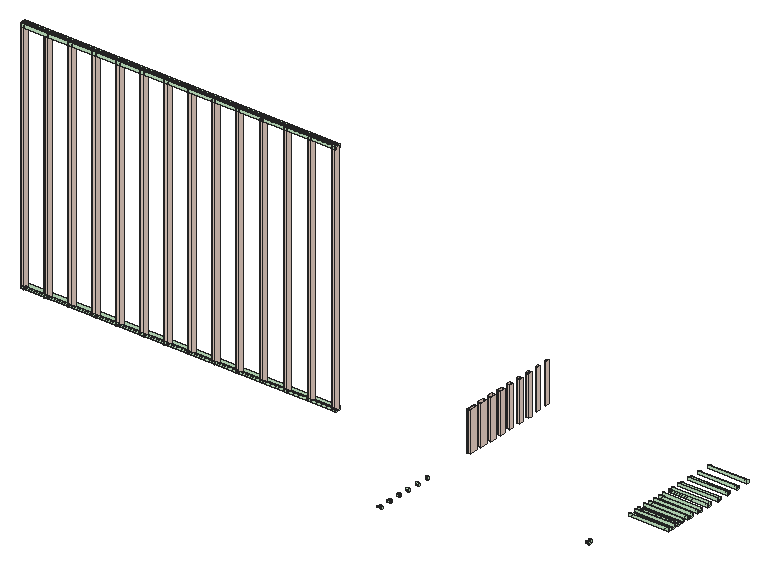
Revit family "SQ壁.", category 一般モデル, Revit 2020
Family settings
  鉄筋をホスト可能 = いいえ
  丸型コネクタ寸法 = 直径を使用
  パーツ タイプ = 標準
  作業面ベース = いいえ
  常に垂直 = はい
  ロード時にボイドで切り取り = いいえ
  共有 = いいえ
  部屋計算ポイント = いいえ
Parameters
  製造元 = "株式会社桐井製作所"
  既定の高さ = 0 mm
  URL = "https://www.kirii.co.jp/"
  K_名称 = "SQ壁工法"
  K_バージョン情報 = "20250901"
Reference planes
  plane 1 "中心(正面/背面)": y = 0
  plane 2: z = 0
  plane 3 "中心(左/右)": x = 0
Lines and regions (mm)
  model lines
    curve 1: line (2053.885, 1766.972, 3.706) -> (3803.885, 1766.972, 3.706)
    curve 2: line (2053.885, 1766.972, 0) -> (2053.885, -17.677, 0)
    curve 3: line (3803.885, 1766.972, 0) -> (3803.885, -17.677, 0)
    curve 4: line (4103.885, 1766.972, 0) -> (4103.885, -17.677, 0)
    curve 5: line (4103.885, -17.677, 3.706) -> (5853.885, -17.677, 3.706)
    curve 6: line (5853.885, 1766.972, 0) -> (5853.885, -17.677, 0)
    curve 7: line (4103.885, 1766.972, 3.706) -> (5853.885, 1766.972, 3.706)
    curve 8: line (2053.885, -157.677, 3.706) -> (3803.885, -157.677, 3.706)
    curve 9: line (2053.885, -157.677, 0) -> (2053.885, -1437.677, 0)
    curve 10: line (2053.885, -1437.677, 3.706) -> (3803.885, -1437.677, 3.706)
    curve 11: line (3803.885, -157.677, 0) -> (3803.885, -1437.677, 0)
    curve 12: line (2053.885, -17.677, 3.706) -> (3803.885, -17.677, 3.706)
    curve 13: line (4103.885, -157.677, 3.706) -> (5853.885, -157.677, 3.706)
    curve 14: line (4103.885, -157.677, 0) -> (4103.885, -1437.677, 0)
    curve 15: line (4103.885, -1437.677, 3.706) -> (5853.885, -1437.677, 3.706)
    curve 16: line (5853.885, -157.677, 0) -> (5853.885, -1437.677, 0)
Text (mm)
  text "JIS19型" at (-1841.604, 2062.91, 5447.439), in view "ビュー 1"
  text "スタッド" at (2194.065, 1638.272, -53.41), in view "{3D}"
  text "・SQ-BAR4020(ふかし壁用)" at (2294.392, 1425.581, -53.41), in view "{3D}"
  text "・SQ-BAR4025(ふかし壁用)" at (2294.392, 1273.599, -53.41), in view "{3D}"
  text "・SQ-BAR4040" at (2294.392, 1123.599, -53.41), in view "{3D}"
  text "・SQ-BAR4045" at (2294.392, 975.581, -53.41), in view "{3D}"
  text "・SQ-BAR4050" at (2294.392, 823.599, -53.41), in view "{3D}"
  text "ランナー" at (4244.065, 1638.272, -53.41), in view "{3D}"
  text "・SQ-ランナー20" at (4344.392, 1425.581, -53.41), in view "{3D}"
  text "・SQ-ランナー25" at (4344.392, 1273.599, -53.41), in view "{3D}"
  text "・SQ-ランナー40" at (4344.392, 1123.599, -53.41), in view "{3D}"
  text "・SQ-ランナー45" at (4344.392, 975.581, -53.41), in view "{3D}"
  text "・SQ-ランナー50" at (4344.392, 823.599, -53.41), in view "{3D}"
  text "SQ壁工法" at (-2610.049, 1856.504, -53.41), in view "{3D}"
  text "・SQ-ランナー65" at (4344.392, 673.599, -53.41), in view "{3D}"
  text "・SQ-ランナー75" at (4344.392, 523.599, -53.41), in view "{3D}"
  text "・SQ-ランナー90" at (4344.392, 375.581, -53.41), in view "{3D}"
  text "・SQ-ランナー100" at (4344.392, 223.599, -53.41), in view "{3D}"
  text "SQスペーサー" at (2194.065, -286.377, -53.41), in view "{3D}"
  text "・SQスペーサーW10" at (2294.392, -499.068, -53.41), in view "{3D}"
  text "・SQスペーサーW15" at (2294.392, -651.05, -53.41), in view "{3D}"
  text "・SQスペーサーW20" at (2294.392, -801.05, -53.41), in view "{3D}"
  text "・SQスペーサーW25" at (2294.392, -949.068, -53.41), in view "{3D}"
  text "・SQスペーサーW30" at (2294.392, -1101.05, -53.41), in view "{3D}"
  text "・SQ-BAR4565" at (2294.392, 673.599, -53.41), in view "{3D}"
  text "・SQ-BAR4575" at (2294.392, 523.599, -53.41), in view "{3D}"
  text "・SQ-BAR4590" at (2294.392, 375.581, -53.41), in view "{3D}"
  text "・SQ-BAR45100" at (2294.392, 223.599, -53.41), in view "{3D}"
  text "・SQスペーサーW35" at (2294.392, -1241.05, -53.41), in view "{3D}"
  text "その他SQ関連部材" at (4244.065, -286.377, -53.41), in view "{3D}"
  text "・新SQアジャスター" at (4344.392, -499.068, -53.41), in view "{3D}"
  text "※耐火遮音間仕切り(千鳥組)に使用" at (3097.151, -1348.381, -53.41), in view "{3D}"
  text "※ふかし壁に使用" at (5473.68, -1348.381, -53.41), in view "{3D}"
Dimensions and locks
  aligned and locked: level to plane 2
Nested families
  nested 1: "runner_wr50" at (5032.945, 782.338, 0), type "runner_wr50"
    with K_長さ(mm) 500 mm, K_JIS外 no, K_JIS yes
  nested 2: "runner_wr65" at (5032.945, 632.338, 0), type "runner_wr65"
    with K_長さ(mm) 500 mm, K_JIS外 no, K_JIS yes
  nested 3: "runner_wr75" at (5032.945, 482.338, 0), type "runner_wr75"
    with K_長さ(mm) 500 mm, K_JIS外 no, K_JIS yes
  nested 4: "runner_wr90" at (5032.945, 327.688, 0), type "runner_wr90"
    with K_長さ(mm) 500 mm
  nested 5: "runner_wr100" at (5032.945, 182.688, 0), type "runner_wr100"
    with K_長さ(mm) 500 mm, K_JIS外 no, K_JIS yes
  nested 6: "sqrunner_20" at (5032.945, 1386.972, 0), type "sqrunner_20"
    with K_長さ(mm) 500 mm
  nested 7: "sq4020.0001" at (2989.01, 1379.472, 0), type "sq4020.0001"
    with K_長さ(mm) 500 mm
  nested 8: "sqrunner_25" at (5032.945, 1231.972, 0), type "sqrunner_25"
    with K_長さ(mm) 500 mm
  nested 9: "sq4025" at (2991.541, 1236.902, 0), type "sq4025"
    with K_長さ(mm) 500 mm
  nested 10: "sqrunner_40" at (5032.945, 1086.972, 0), type "sqrunner_40"
    with K_長さ(mm) 500 mm
  nested 11: "sq4040" at (2999.01, 1083.691, 0), type "sq4040"
    with K_長さ(mm) 500 mm
  nested 12: "sqrunner_45" at (5032.945, 931.972, 0), type "sqrunner_45"
    with K_長さ(mm) 500 mm
  nested 13: "sq4045" at (2999.01, 939.472, 0), type "sq4045"
    with K_長さ(mm) 500 mm
  nested 14: "sq4050" at (2999.01, 792.219, 0), type "sq4050"
    with K_長さ(mm) 500 mm
  nested 15: "sq4565" at (3001.51, 647.323, 0), type "sq4565"
    with K_長さ(mm) 500 mm
  nested 16: "sq4575" at (3001.51, 494.472, 0), type "sq4575"
    with K_長さ(mm) 500 mm
  nested 17: "sq4590" at (3001.51, 344.472, 0), type "sq4590"
    with K_長さ(mm) 500 mm
  nested 18: "sq45100" at (3001.51, 189.472, 0), type "sq45100"
    with K_長さ(mm) 500 mm
  nested 19: "runner_wr65" at (-2546.115, -0.01, 3010.8) x (1, 0, 0) z (0, 0, -1), type "runner_wr65"
    with K_長さ(mm) 4000 mm, K_JIS外 no, K_JIS yes
  nested 20: "sq4565" at (-2523.615, 0, 0), type "sq4565"
    with K_長さ(mm) 3000 mm
  nested 21: "sq4565" at (-2220.615, 0, 0), type "sq4565"
    with K_長さ(mm) 3000 mm
  nested 22: "sq4565" at (-1917.615, 0, 0), type "sq4565"
    with K_長さ(mm) 3000 mm
  nested 23: "sq4565" at (-1614.615, 0, 0), type "sq4565"
    with K_長さ(mm) 3000 mm
  nested 24: "sq4565" at (-1311.615, 0, 0), type "sq4565"
    with K_長さ(mm) 3000 mm
  nested 25: "sq4565" at (-1008.115, 0, 0), type "sq4565"
    with K_長さ(mm) 3000 mm
  nested 26: "sq4565" at (-705.115, 0, 0), type "sq4565"
    with K_長さ(mm) 3000 mm
  nested 27: "sq4565" at (-402.115, 0, 0), type "sq4565"
    with K_長さ(mm) 3000 mm
  nested 28: "sq4565" at (-99.115, 0, 0), type "sq4565"
    with K_長さ(mm) 3000 mm
  nested 29: "sq4565" at (203.885, 0, 0), type "sq4565"
    with K_長さ(mm) 3000 mm
  nested 30: "sq4565" at (506.885, 0, 0), type "sq4565"
    with K_長さ(mm) 3000 mm
  nested 31: "sq4565" at (810.385, 0, 0), type "sq4565"
    with K_長さ(mm) 3000 mm
  nested 32: "sq4565" at (1113.385, 0, 0), type "sq4565"
    with K_長さ(mm) 3000 mm
  nested 33: "sq4565" at (1416.885, 0, 0), type "sq4565"
    with K_長さ(mm) 3000 mm
  nested 34: "runner_wr65" at (-2546.115, 0, 0), type "runner_wr65"
    with K_長さ(mm) 4000 mm, K_JIS外 no, K_JIS yes
  nested 35: "sqadjuster" at (5082.685, -534.727, 0), type "sqadjuster"
  nested 36: "sqspacer_w10" at (3012.685, -534.727, 0), type "sqspacer_w10"
  nested 37: "sqspacer_w15" at (3012.685, -684.199, 0), type "sqspacer_w15"
  nested 38: "sqspacer_w20" at (3012.685, -831.877, 0), type "sqspacer_w20"
  nested 39: "sqspacer_w25" at (3012.685, -976.877, 0), type "sqspacer_w25"
  nested 40: "sqspacer_w30" at (3012.685, -1125.077, 0), type "sqspacer_w30"
  nested 41: "sqspacer_w35" at (3012.685, -1270.077, 0), type "sqspacer_w35"
Definition of nested family "runner_wr50"
  Parameters (values of type "runner_wr50")
    Manufacturer = "株式会社桐井製作所"
    Default Elevation = 0 mm
    URL = "https://www.kirii.co.jp/"
    K_長さ(mm) [instance] = 4000 mm
    K_材質 = "SGCCまたはSGHC　一般用"
    K_断面積A(mm2) = 103.5
    K_断面係数Zy(mm3) = 1921
    K_断面係数Zx(mm3) = 651.9
    K_断面2次半径iy(mm) = 22
    K_断面2次半径ix(mm) = 13.2
    K_断面2次モーメントIy(mm4) = 49970
    K_断面2次モーメントIx(mm4) = 17920
    K_外形寸法(mm) = "52×40×0.8"
    K_品名 = "WR-50"
    K_名称 = "ランナー"
    K_単位質量(kg/m) = 0.836
    K_ヤング係数E(N/mm2) = 205000
    K_バージョン情報 = "20210524"
    K_めっき付着量 = "Z12"
    K_JIS規格 = "JIS G 3302"
    K_JIS外 [instance] = not(K_JIS)  # no
    K_JIS [instance] = yes
  Reference planes
    plane 1 "中心(正面/背面)": y = 0
    plane 2: z = 0
    plane 3 "中心(左/右)": x = 0
    plane 4: x = 4000
    plane 5: y = -26
    plane 6: y = 26
    plane 7: z = 40
    plane 8: y = 26
    plane 9: y = -26
  Forms (mm)
    Extrusion 1, solid
      sketch origin (0, 0, 0) x (0, 1, 0) y (0, 0, 1)
        loop
          line (-26, 0) -> (-16.01, 0) -> (-15.21, 0.8) -> (-6.81, 0.8) -> (-6.01, 0) -> (5.962, 0) -> (6.781, 0.819) -> (15.181, 0.819) -> (16, 0) -> (26, 0) -> (26, 40) -> (25.2, 40) -> (25.2, 0.8) -> (16.331, 0.8) -> (15.512, 1.619) -> (6.449, 1.619) -> (5.63, 0.8) -> (-5.679, 0.8) -> (-6.479, 1.6) -> (-15.541, 1.6) -> (-16.341, 0.8) -> (-25.2, 0.8) -> (-25.2, 40) -> (-26, 40) -> (-26, 0)
      from 0 to 4000
  Dimensions and locks
    "K_長さ(mm)": plane 3 "中心(左/右)" to plane 4
    aligned and locked: level to plane 2
    aligned and locked: plane 4 to Extrusion 1
    aligned and locked: Extrusion 1 sketch curve to plane 6
    aligned and locked: plane 5 to Extrusion 1 sketch curve
    aligned and locked: Extrusion 1 to plane 4
  Automatic sketch dimensions
    Extrusion 1 sketch curve to plane 7 = 0 mm  (x2)
    Extrusion 1 sketch curve to level = 0 mm  (x3)
    level to Extrusion 1 sketch curve = 0.8 mm  (x4)
    Extrusion 1 sketch curve to Extrusion 1 sketch curve = 0.331 mm  (x8)
    level to Extrusion 1 sketch curve = 1.6 mm
    Extrusion 1 sketch curve to Extrusion 1 sketch curve = 0.8 mm  (x2)
    plane 1 "中心(正面/背面)" to Extrusion 1 sketch curve = 6.81 mm
    Extrusion 1 sketch curve to plane 1 "中心(正面/背面)" = 5.63 mm
    Extrusion 1 sketch curve to Extrusion 1 sketch curve = 0.819 mm  (x2)
    level to Extrusion 1 sketch curve = 0.819 mm
    Extrusion 1 sketch curve to Extrusion 1 sketch curve = 8.4 mm
    level to Extrusion 1 sketch curve = 1.619 mm
    plane 6 to Extrusion 1 sketch curve = 0.8 mm
    Extrusion 1 sketch curve to plane 5 = 0.8 mm
    Extrusion 1 sketch curve to Extrusion 1 sketch curve = 8.859 mm
Definition of nested family "runner_wr65"
  Parameters (values of type "runner_wr65")
    Manufacturer = "株式会社桐井製作所"
    Default Elevation = 0 mm
    URL = "https://www.kirii.co.jp/"
    K_長さ(mm) [instance] = 4000 mm
    K_材質 = "SGCCまたはSGHC　一般用"
    K_断面積A(mm2) = 115.5
    K_断面係数Zy(mm3) = 2624
    K_断面係数Zx(mm3) = 678.4
    K_断面2次半径iy(mm) = 27.6
    K_断面2次半径ix(mm) = 13
    K_断面2次モーメントIy(mm4) = 87930
    K_断面2次モーメントIx(mm4) = 19500
    K_外形寸法(mm) = "67×40×0.8"
    K_品名 = "WR-65"
    K_名称 = "ランナー"
    K_単位質量(kg/m) = 0.933
    K_ヤング係数E(N/mm2) = 205000
    K_バージョン情報 = "20210524"
    K_めっき付着量 = "Z12"
    K_JIS規格 = "JIS G 3302"
    K_JIS外 [instance] = not(K_JIS)  # no
    K_JIS [instance] = yes
  Reference planes
    plane 1 "中心(正面/背面)": y = 0
    plane 2: z = 0
    plane 3 "中心(左/右)": x = 0
    plane 4: x = 4000
    plane 5: y = -33.5
    plane 6: y = 33.5
    plane 7: y = 33.5
    plane 8: y = -33.5
    plane 9: z = 40
  Forms (mm)
    Extrusion 1, solid
      sketch origin (0, 0, 0) x (0, 1, 0) y (0, 0, 1)
        loop
          line (13.491, 0) -> (14.31, 0.819) -> (22.71, 0.819) -> (23.529, 0) -> (33.5, 0) -> (33.5, 40) -> (32.7, 40) -> (32.7, 0.8) -> (23.86, 0.8) -> (23.041, 1.619) -> (13.979, 1.619) -> (13.159, 0.8) -> (-13.179, 0.8) -> (-13.979, 1.6) -> (-23.041, 1.6) -> (-23.841, 0.8) -> (-32.7, 0.8) -> (-32.7, 40) -> (-33.5, 40) -> (-33.5, 0) -> (-23.51, 0) -> (-22.71, 0.8) -> (-14.31, 0.8) -> (-13.51, 0) -> (13.491, 0)
      from 0 to 4000
  Dimensions and locks
    "K_長さ(mm)": plane 3 "中心(左/右)" to plane 4
    aligned and locked: level to plane 2
    aligned and locked: plane 4 to Extrusion 1
    aligned and locked: Extrusion 1 sketch curve to plane 6
    aligned and locked: plane 5 to Extrusion 1 sketch curve
    aligned and locked: Extrusion 1 to plane 4
  Automatic sketch dimensions
    Extrusion 1 sketch curve to level = 0 mm  (x3)
    Extrusion 1 sketch curve to Extrusion 1 sketch curve = 0.8 mm  (x5)
    level to Extrusion 1 sketch curve = 0.8 mm  (x4)
    Extrusion 1 sketch curve to Extrusion 1 sketch curve = 8.859 mm
    Extrusion 1 sketch curve to Extrusion 1 sketch curve = 0.331 mm  (x8)
    Extrusion 1 sketch curve to Extrusion 1 sketch curve = 8.4 mm  (x2)
    level to Extrusion 1 sketch curve = 1.6 mm
    Extrusion 1 sketch curve to plane 1 "中心(正面/背面)" = 13.159 mm
    Extrusion 1 sketch curve to Extrusion 1 sketch curve = 0.819 mm  (x2)
    level to Extrusion 1 sketch curve = 0.819 mm
    Extrusion 1 sketch curve to Extrusion 1 sketch curve = 39.2 mm  (x2)
Definition of nested family "runner_wr75"
  Parameters (values of type "runner_wr75")
    Manufacturer = "株式会社桐井製作所"
    Default Elevation = 0 mm
    URL = "https://www.kirii.co.jp/"
    K_長さ(mm) [instance] = 4000 mm
    K_材質 = "SGCCまたはSGHC　一般用"
    K_断面積A(mm2) = 123.5
    K_断面係数Zy(mm3) = 3124
    K_断面係数Zx(mm3) = 692
    K_断面2次半径iy(mm) = 31.2
    K_断面2次半径ix(mm) = 12.8
    K_断面2次モーメントIy(mm4) = 120300
    K_断面2次モーメントIx(mm4) = 20380
    K_外形寸法(mm) = "77×40×0.8"
    K_品名 = "WR-75"
    K_名称 = "ランナー"
    K_単位質量(kg/m) = 0.998
    K_ヤング係数E(N/mm2) = 205000
    K_バージョン情報 = "20210524"
    K_めっき付着量 = "Z12"
    K_JIS規格 = "JIS G 3302"
    K_JIS外 [instance] = not(K_JIS)  # no
    K_JIS [instance] = yes
  Reference planes
    plane 1 "中心(正面/背面)": y = 0
    plane 2: z = 0
    plane 3 "中心(左/右)": x = 0
    plane 4: x = 4000
    plane 5: y = 38.5
    plane 6: y = -38.5
    plane 7: z = 39.981
  Forms (mm)
    Extrusion 1, solid
      sketch origin (0, 0, 0) x (0, 1, 0) y (0, 0, 1)
        loop
          line (18.481, 0) -> (19.281, 0.8) -> (27.681, 0.8) -> (28.5, -0.019) -> (38.5, -0.019) -> (38.5, 39.981) -> (37.7, 39.981) -> (37.7, 0.8) -> (28.812, 0.8) -> (28.012, 1.6) -> (18.949, 1.6) -> (18.149, 0.8) -> (-18.169, 0.8) -> (-18.969, 1.6) -> (-28.031, 1.6) -> (-28.831, 0.8) -> (-37.7, 0.8) -> (-37.7, 39.962) -> (-38.5, 39.962) -> (-38.5, 0) -> (-28.5, 0) -> (-27.7, 0.8) -> (-19.3, 0.8) -> (-18.5, 0) -> (18.481, 0)
      from 0 to 4000
  Dimensions and locks
    "K_長さ(mm)": plane 3 "中心(左/右)" to plane 4
    aligned and locked: level to plane 2
    aligned and locked: plane 4 to Extrusion 1
    aligned and locked: plane 5 to Extrusion 1
    aligned and locked: Extrusion 1 to plane 6
  Automatic sketch dimensions
    Extrusion 1 sketch curve to plane 6 = 0 mm
    Extrusion 1 sketch curve to level = 0 mm  (x2)
    Extrusion 1 sketch curve to plane 5 = 0 mm
    plane 6 to Extrusion 1 sketch curve = 0.8 mm
    level to Extrusion 1 sketch curve = 0.8 mm  (x5)
    Extrusion 1 sketch curve to Extrusion 1 sketch curve = 8.869 mm
    Extrusion 1 sketch curve to Extrusion 1 sketch curve = 0.331 mm  (x7)
    Extrusion 1 sketch curve to Extrusion 1 sketch curve = 0.8 mm  (x5)
    Extrusion 1 sketch curve to Extrusion 1 sketch curve = 8.4 mm  (x2)
    Extrusion 1 sketch curve to plane 1 "中心(正面/背面)" = 18.149 mm
    level to Extrusion 1 sketch curve = 1.6 mm
    Extrusion 1 sketch curve to level = 0.019 mm
    Extrusion 1 sketch curve to Extrusion 1 sketch curve = 0.819 mm
    Extrusion 1 sketch curve to Extrusion 1 sketch curve = 39.162 mm
    Extrusion 1 sketch curve to Extrusion 1 sketch curve = 39.181 mm
    Extrusion 1 sketch curve to Extrusion 1 sketch curve = 0.312 mm
Definition of nested family "runner_wr90"
  Parameters (values of type "runner_wr90")
    Manufacturer = "株式会社桐井製作所"
    Default Elevation = 0 mm
    URL = "https://www.kirii.co.jp/"
    K_長さ(mm) [instance] = 4000 mm
    K_材質 = "SGCCまたはSGHC　一般用"
    K_断面積A(mm2) = 135.5
    K_断面係数Zy(mm3) = 3928
    K_断面係数Zx(mm3) = 708.8
    K_断面2次半径iy(mm) = 36.5
    K_断面2次半径ix(mm) = 12.6
    K_断面2次モーメントIy(mm4) = 180700
    K_断面2次モーメントIx(mm4) = 21510
    K_外形寸法(mm) = "92×40×0.8"
    K_品名 = "WR-90"
    K_名称 = "ランナー"
    K_単位質量(kg/m) = 1.095
    K_ヤング係数E(N/mm2) = 205000
    K_バージョン情報 = "20210524"
    K_めっき付着量 = "Z12"
    K_JIS規格 = "JIS G 3302"
    K_JIS外 = not(K_JIS)  # no
    K_JIS = yes
  Reference planes
    plane 1 "中心(正面/背面)": y = 0
    plane 2: z = 0
    plane 3 "中心(左/右)": x = 0
    plane 4: x = 4000
    plane 5: y = 48.5
    plane 6: y = -48.5
  Forms (mm)
    Extrusion 1, solid
      sketch origin (0, 0, 0) x (0, 1, 0) y (0, 0, 1)
        loop
          line (28.5, 0) -> (29.3, 0.8) -> (37.7, 0.8) -> (38.5, 0) -> (48.5, 0) -> (48.5, 39.981) -> (47.7, 39.981) -> (47.7, 0.8) -> (38.831, 0.8) -> (38.031, 1.6) -> (28.969, 1.6) -> (28.169, 0.8) -> (-28.169, 0.8) -> (-28.969, 1.6) -> (-38.031, 1.6) -> (-38.831, 0.8) -> (-47.7, 0.8) -> (-47.7, 39.962) -> (-48.5, 39.962) -> (-48.5, 0) -> (-38.5, 0) -> (-37.7, 0.8) -> (-29.3, 0.8) -> (-28.5, 0) -> (28.5, 0)
      from 0 to 4000
  Dimensions and locks
    "K_長さ(mm)": plane 3 "中心(左/右)" to plane 4
    equal spacing: plane 6, plane 1 "中心(正面/背面)", plane 5
    plane 6 to plane 5 = 97 mm
    locked: Extrusion 1 to Extrusion 1 at 0.8  (x2)
    aligned and locked: level to plane 2
    aligned and locked: plane 4 to Extrusion 1
    aligned and locked: plane 5 to Extrusion 1
    aligned and locked: Extrusion 1 to plane 6
  Automatic sketch dimensions
    Extrusion 1 sketch curve to plane 6 = 0 mm
    Extrusion 1 sketch curve to level = 0 mm  (x3)
    Extrusion 1 sketch curve to plane 5 = 0 mm
    plane 6 to Extrusion 1 sketch curve = 0.8 mm
    level to Extrusion 1 sketch curve = 0.8 mm  (x5)
    Extrusion 1 sketch curve to Extrusion 1 sketch curve = 8.869 mm
    Extrusion 1 sketch curve to Extrusion 1 sketch curve = 0.331 mm  (x8)
    level to Extrusion 1 sketch curve = 1.6 mm  (x2)
    Extrusion 1 sketch curve to Extrusion 1 sketch curve = 0.8 mm  (x4)
    Extrusion 1 sketch curve to Extrusion 1 sketch curve = 8.4 mm  (x2)
    Extrusion 1 sketch curve to plane 5 = 20.331 mm
    Extrusion 1 sketch curve to plane 5 = 0.8 mm
    Extrusion 1 sketch curve to Extrusion 1 sketch curve = 39.162 mm
    Extrusion 1 sketch curve to Extrusion 1 sketch curve = 39.181 mm
Definition of nested family "runner_wr100"
  Parameters (values of type "runner_wr100")
    Manufacturer = "株式会社桐井製作所"
    Default Elevation = 0 mm
    URL = "https://www.kirii.co.jp/"
    K_長さ(mm) [instance] = 4000 mm
    K_材質 = "SGCCまたはSGHC　一般用"
    K_断面積A(mm2) = 143.5
    K_断面係数Zy(mm3) = 4496
    K_断面係数Zx(mm3) = 718
    K_断面2次半径iy(mm) = 40
    K_断面2次半径ix(mm) = 12.4
    K_断面2次モーメントIy(mm4) = 229300
    K_断面2次モーメントIx(mm4) = 22160
    K_外形寸法(mm) = "102×40×0.8"
    K_品名 = "WR-100"
    K_名称 = "ランナー"
    K_単位質量(kg/m) = 1.159
    K_ヤング係数E(N/mm2) = 205000
    K_バージョン情報 = "20210524"
    K_めっき付着量 = "Z12"
    K_JIS規格 = "JIS G 3302"
    K_JIS外 [instance] = not(K_JIS)  # no
    K_JIS [instance] = yes
  Reference planes
    plane 1 "中心(正面/背面)": y = 0
    plane 2: z = 0
    plane 3 "中心(左/右)": x = 0
    plane 4: x = 4000
    plane 5: y = -51
    plane 6: y = 51
    plane 7: z = 40
  Forms (mm)
    Extrusion 1, solid
      sketch origin (0, 0, 0) x (0, 1, 0) y (0, 0, 1)
        loop
          line (30.991, 0) -> (31.81, 0.819) -> (40.21, 0.819) -> (41.029, 0) -> (51, 0) -> (51, 40) -> (50.2, 40) -> (50.2, 0.8) -> (41.36, 0.8) -> (40.541, 1.619) -> (31.479, 1.619) -> (30.659, 0.8) -> (-30.679, 0.8) -> (-31.479, 1.6) -> (-40.541, 1.6) -> (-41.341, 0.8) -> (-50.2, 0.8) -> (-50.2, 40) -> (-51, 40) -> (-51, 0) -> (-41.01, 0) -> (-40.21, 0.8) -> (-31.81, 0.8) -> (-31.01, 0) -> (30.991, 0)
      from 0 to 4000
  Dimensions and locks
    "K_長さ(mm)": plane 3 "中心(左/右)" to plane 4
    aligned and locked: level to plane 2
    aligned and locked: plane 4 to Extrusion 1
  Automatic sketch dimensions
    Extrusion 1 sketch curve to level = 0 mm  (x3)
    Extrusion 1 sketch curve to Extrusion 1 sketch curve = 0.8 mm  (x5)
    level to Extrusion 1 sketch curve = 0.8 mm  (x4)
    Extrusion 1 sketch curve to Extrusion 1 sketch curve = 8.859 mm
    Extrusion 1 sketch curve to Extrusion 1 sketch curve = 0.331 mm  (x8)
    Extrusion 1 sketch curve to Extrusion 1 sketch curve = 8.4 mm  (x2)
    level to Extrusion 1 sketch curve = 1.6 mm
    Extrusion 1 sketch curve to plane 1 "中心(正面/背面)" = 30.659 mm
    Extrusion 1 sketch curve to Extrusion 1 sketch curve = 0.819 mm  (x2)
    level to Extrusion 1 sketch curve = 0.819 mm
    Extrusion 1 sketch curve to Extrusion 1 sketch curve = 39.2 mm  (x2)
    Extrusion 1 sketch curve to plane 5 = 0 mm
    plane 6 to Extrusion 1 sketch curve = 0.8 mm
Definition of nested family "sqrunner_20"
  Parameters (values of type "sqrunner_20")
    Manufacturer = "株式会社桐井製作所"
    Default Elevation = 0 mm
    URL = "https://www.kirii.co.jp/"
    K_長さ(mm) [instance] = 4000 mm
    K_材質 = "SGCC　一般用"
    K_外形寸法(mm) = "22×40×30"
    K_品名 = "SQ-ランナー20"
    K_名称 = "角型スタッド用ランナー"
    K_バージョン情報 = "20210524"
    K_めっき付着量 = "Z08"
    K_JIS規格 = "JIS G 3302"
  Reference planes
    plane 1 "中心(正面/背面)": y = 0
    plane 2: z = 0
    plane 3 "中心(左/右)": x = 0
    plane 4: x = 4000
    plane 5: y = 11
    plane 6: y = -11
  Forms (mm)
    Extrusion 1, solid
      sketch origin (0, 0, 0) x (0, 1, 0) y (0, 0, 1)
        loop
          line (-11, 0) -> (11, 0) -> (11, 30) -> (10.2, 30) -> (10.2, 0.8) -> (-10.2, 0.8) -> (-10.2, 40) -> (-11, 40) -> (-11, 0)
      from 0 to 4000
  Dimensions and locks
    "K_長さ(mm)": plane 3 "中心(左/右)" to plane 4
    aligned and locked: level to plane 2
    aligned and locked: plane 4 to Extrusion 1
    aligned and locked: Extrusion 1 to plane 4
  Automatic sketch dimensions
    Extrusion 1 sketch curve to level = 0 mm
    Extrusion 1 sketch curve to plane 6 = 0 mm
    Extrusion 1 sketch curve to Extrusion 1 sketch curve = 0.8 mm  (x2)
    level to Extrusion 1 sketch curve = 0.8 mm
    Extrusion 1 sketch curve to Extrusion 1 sketch curve = 39.2 mm
    Extrusion 1 sketch curve to Extrusion 1 sketch curve = 29.2 mm
    Extrusion 1 sketch curve to plane 5 = 0 mm
Definition of nested family "sq4020.0001"
  Parameters (values of type "sq4020.0001")
    Manufacturer = "株式会社桐井製作所"
    Default Elevation = 0 mm
    URL = "https://www.kirii.co.jp/"
    K_長さ(mm) [instance] = 3000 mm
    K_材質 = "SGCC　一般用"
    K_断面積A(mm2) = 57
    K_断面係数Zy(mm3) = 575.7
    K_断面係数Zx(mm3) = 374.1
    K_断面2次半径iy(mm) = 14.9
    K_断面2次半径ix(mm) = 8.1
    K_断面2次モーメントIy(mm4) = 12630
    K_断面2次モーメントIx(mm4) = 3741
    K_外形寸法(mm) = "□40×20"
    K_品名 = "SQ-BAR4020"
    K_名称 = "角型スタッド"
    K_単位質量(kg/m) = 0.464
    K_ヤング係数E(N/mm2) = 205000
    K_バージョン情報 = "20210524"
    K_めっき付着量 = "Z08"
    K_JIS規格 = "JIS G 3302"
  Reference planes
    plane 1 "中心(正面/背面)": y = 0
    plane 2: z = 0
    plane 3 "中心(左/右)": x = 0
    plane 4: x = 10
    plane 5: x = -10
    plane 6: y = 20
    plane 7: z = 3000
    plane 8: y = -20
  Forms (mm)
    Extrusion 1, solid
      sketch origin (0.5, -20, 0) x (1, 0, 0) y (0, 1, 0)
        loop
          line (-10.5, 40) -> (-10.5, 0) -> (9.5, 0) -> (9.5, 40) -> (-10.5, 40)
        loop
          line (-10, 39.5) -> (-10, 0.5) -> (9, 0.5) -> (9, 39.5) -> (-10, 39.5)
      from 0 to 3000
  Dimensions and locks
    locked: Extrusion 1 sketch curve to Extrusion 1 sketch curve at 0.5  (x4)
    "K_長さ(mm)": plane 7 to level
    aligned and locked: level to plane 2
    aligned and locked: Extrusion 1 sketch curve to plane 6
    aligned and locked: plane 7 to Extrusion 1
    aligned and locked: plane 4 to Extrusion 1
    aligned and locked: Extrusion 1 to plane 5
  Automatic sketch dimensions
    Extrusion 1 sketch curve to plane 4 = 0.5 mm
    plane 5 to Extrusion 1 sketch curve = 0.5 mm
    plane 1 "中心(正面/背面)" to Extrusion 1 sketch curve = 19.5 mm
Definition of nested family "sqrunner_25"
  Parameters (values of type "sqrunner_25")
    Manufacturer = "株式会社桐井製作所"
    Default Elevation = 0 mm
    URL = "https://www.kirii.co.jp/"
    K_長さ(mm) [instance] = 4000 mm
    K_材質 = "SGCC　一般用"
    K_外形寸法(mm) = "27×40×30"
    K_品名 = "SQ-ランナー25"
    K_名称 = "角型スタッド用ランナー"
    K_バージョン情報 = "20210524"
    K_めっき付着量 = "Z08"
    K_JIS規格 = "JIS G 3302"
  Reference planes
    plane 1 "中心(正面/背面)": y = 0
    plane 2: z = 0
    plane 3 "中心(左/右)": x = 0
    plane 4: x = 4000
    plane 5: y = 13.5
    plane 6: y = -13.5
  Forms (mm)
    Extrusion 1, solid
      sketch origin (0, 0, 0) x (0, 1, 0) y (0, 0, 1)
        loop
          line (-13.5, 0) -> (13.5, 0) -> (13.5, 30) -> (12.7, 30) -> (12.7, 0.8) -> (-12.7, 0.8) -> (-12.7, 40) -> (-13.5, 40) -> (-13.5, 0)
      from 0 to 4000
  Dimensions and locks
    "K_長さ(mm)": plane 3 "中心(左/右)" to plane 4
    aligned and locked: level to plane 2
    aligned and locked: plane 4 to Extrusion 1
    aligned and locked: Extrusion 1 to plane 4
  Automatic sketch dimensions
    Extrusion 1 sketch curve to level = 0 mm
    Extrusion 1 sketch curve to plane 6 = 0 mm
    Extrusion 1 sketch curve to Extrusion 1 sketch curve = 0.8 mm  (x2)
    level to Extrusion 1 sketch curve = 0.8 mm
    Extrusion 1 sketch curve to Extrusion 1 sketch curve = 39.2 mm
    Extrusion 1 sketch curve to Extrusion 1 sketch curve = 29.2 mm
    Extrusion 1 sketch curve to plane 5 = 0 mm
Definition of nested family "sq4025"
  Parameters (values of type "sq4025")
    Manufacturer = "株式会社桐井製作所"
    Default Elevation = 0 mm
    URL = "https://www.kirii.co.jp/"
    K_長さ(mm) [instance] = 3000 mm
    K_材質 = "SGCC　一般用"
    K_断面積A(mm2) = 61.3
    K_断面係数Zy(mm3) = 657.2
    K_断面係数Zx(mm3) = 488.3
    K_断面2次半径iy(mm) = 15.3
    K_断面2次半径ix(mm) = 10
    K_断面2次モーメントIy(mm4) = 14330
    K_断面2次モーメントIx(mm4) = 6104
    K_外形寸法(mm) = "□40×25"
    K_品名 = "SQ-BAR4025"
    K_名称 = "角型スタッド"
    K_単位質量(kg/m) = 0.498
    K_ヤング係数E(N/mm2) = 205000
    K_バージョン情報 = "20210524"
    K_めっき付着量 = "Z08"
    K_JIS規格 = "JIS G 3302"
  Reference planes
    plane 1 "中心(正面/背面)": y = 0
    plane 2: z = 0
    plane 3 "中心(左/右)": x = 0
    plane 4: x = 12.5
    plane 5: x = -12.5
    plane 6: y = 20
    plane 7: z = 3000
    plane 8: y = -20
  Forms (mm)
    Extrusion 1, solid
      sketch origin (0.5, -20, 0) x (1, 0, 0) y (0, 1, 0)
        loop
          line (-13, 40) -> (-13, 0) -> (12, 0) -> (12, 40) -> (-13, 40)
        loop
          line (-12.5, 39.5) -> (-12.5, 0.5) -> (11.5, 0.5) -> (11.5, 39.5) -> (-12.5, 39.5)
      from 0 to 3000
  Dimensions and locks
    locked: Extrusion 1 sketch curve to Extrusion 1 sketch curve at 0.5  (x4)
    "K_長さ(mm)": plane 7 to level
    aligned and locked: level to plane 2
    aligned and locked: Extrusion 1 sketch curve to plane 6
    aligned and locked: plane 7 to Extrusion 1
    aligned and locked: plane 6 to Extrusion 1
    aligned and locked: Extrusion 1 to plane 8
    aligned and locked: Extrusion 1 to plane 5
    aligned and locked: plane 4 to Extrusion 1
  Automatic sketch dimensions
    Extrusion 1 sketch curve to plane 4 = 0.5 mm
    plane 5 to Extrusion 1 sketch curve = 0.5 mm
    plane 1 "中心(正面/背面)" to Extrusion 1 sketch curve = 19.5 mm
Definition of nested family "sqrunner_40"
  Parameters (values of type "sqrunner_40")
    Manufacturer = "株式会社桐井製作所"
    Default Elevation = 0 mm
    URL = "https://www.kirii.co.jp/"
    K_長さ(mm) [instance] = 4000 mm
    K_材質 = "SGCC　一般用"
    K_外形寸法(mm) = "42×40×30"
    K_品名 = "SQ-ランナー40"
    K_名称 = "角型スタッド用ランナー"
    K_バージョン情報 = "20210524"
    K_めっき付着量 = "Z08"
    K_JIS規格 = "JIS G 3302"
  Reference planes
    plane 1 "中心(正面/背面)": y = 0
    plane 2: z = 0
    plane 3 "中心(左/右)": x = 0
    plane 4: x = 4000
    plane 5: y = 21
    plane 6: y = -21
  Forms (mm)
    Extrusion 1, solid
      sketch origin (0, 0, 0) x (0, 1, 0) y (0, 0, 1)
        loop
          line (-21, 0) -> (21, 0) -> (21, 30) -> (20.2, 30) -> (20.2, 0.8) -> (-20.2, 0.8) -> (-20.2, 40) -> (-21, 40) -> (-21, 0)
      from 0 to 4000
  Dimensions and locks
    "K_長さ(mm)": plane 3 "中心(左/右)" to plane 4
    aligned and locked: level to plane 2
    aligned and locked: plane 4 to Extrusion 1
    aligned and locked: Extrusion 1 to plane 4
  Automatic sketch dimensions
    Extrusion 1 sketch curve to level = 0 mm
    Extrusion 1 sketch curve to plane 6 = 0 mm
    Extrusion 1 sketch curve to Extrusion 1 sketch curve = 0.8 mm  (x2)
    level to Extrusion 1 sketch curve = 0.8 mm
    Extrusion 1 sketch curve to Extrusion 1 sketch curve = 39.2 mm
    Extrusion 1 sketch curve to Extrusion 1 sketch curve = 29.2 mm
    Extrusion 1 sketch curve to plane 5 = 0 mm
Definition of nested family "sq4040"
  Parameters (values of type "sq4040")
    Manufacturer = "株式会社桐井製作所"
    Default Elevation = 0 mm
    URL = "https://www.kirii.co.jp/"
    K_長さ(mm) [instance] = 3000 mm
    K_材質 = "SGCC　一般用"
    K_断面積A(mm2) = 76.8
    K_断面係数Zy(mm3) = 944.7
    K_断面係数Zx(mm3) = 889
    K_断面2次半径iy(mm) = 16.3
    K_断面2次半径ix(mm) = 15.2
    K_断面2次モーメントIy(mm4) = 20440
    K_断面2次モーメントIx(mm4) = 17780
    K_外形寸法(mm) = "□40×40"
    K_品名 = "SQ-BAR4040"
    K_名称 = "角型スタッド"
    K_単位質量(kg/m) = 0.624
    K_ヤング係数E(N/mm2) = 205000
    K_バージョン情報 = "20210524"
    K_めっき付着量 = "Z08"
    K_JIS規格 = "JIS G 3302"
  Reference planes
    plane 1 "中心(正面/背面)": y = 0
    plane 2: z = 0
    plane 3 "中心(左/右)": x = 0
    plane 4: x = 20
    plane 5: x = -20
    plane 6: y = 20
    plane 7: z = 3000
    plane 8: y = -20
  Forms (mm)
    Extrusion 1, solid
      sketch origin (0.5, -20, 0) x (1, 0, 0) y (0, 1, 0)
        loop
          line (-20.5, 40) -> (-20.5, 0) -> (19.5, 0) -> (19.5, 40) -> (-20.5, 40)
        loop
          line (-20, 39.5) -> (-20, 0.5) -> (19, 0.5) -> (19, 39.5) -> (-20, 39.5)
      from 0 to 3000
  Dimensions and locks
    locked: Extrusion 1 sketch curve to Extrusion 1 sketch curve at 0.5  (x4)
    "K_長さ(mm)": plane 7 to level
    aligned and locked: level to plane 2
    aligned and locked: Extrusion 1 sketch curve to plane 6
    aligned and locked: plane 7 to Extrusion 1
    aligned and locked: plane 6 to Extrusion 1
    aligned and locked: Extrusion 1 to plane 8
    aligned and locked: Extrusion 1 to plane 5
    aligned and locked: plane 4 to Extrusion 1
  Automatic sketch dimensions
    Extrusion 1 sketch curve to plane 4 = 0.5 mm
    plane 5 to Extrusion 1 sketch curve = 0.5 mm
    plane 1 "中心(正面/背面)" to Extrusion 1 sketch curve = 19.5 mm
Definition of nested family "sqrunner_45"
  Parameters (values of type "sqrunner_45")
    Manufacturer = "株式会社桐井製作所"
    Default Elevation = 0 mm
    URL = "https://www.kirii.co.jp/"
    K_長さ(mm) [instance] = 4000 mm
    K_材質 = "SGCC　一般用"
    K_外形寸法(mm) = "47×40×30"
    K_品名 = "SQ-ランナー45"
    K_名称 = "角型スタッド用ランナー"
    K_バージョン情報 = "20210524"
    K_めっき付着量 = "Z08"
    K_JIS規格 = "JIS G 3302"
  Reference planes
    plane 1 "中心(正面/背面)": y = 0
    plane 2: z = 0
    plane 3 "中心(左/右)": x = 0
    plane 4: x = 4000
    plane 5: y = 23.5
    plane 6: y = -23.5
  Forms (mm)
    Extrusion 1, solid
      sketch origin (0, 0, 0) x (0, 1, 0) y (0, 0, 1)
        loop
          line (-23.5, 0) -> (23.5, 0) -> (23.5, 30) -> (22.7, 30) -> (22.7, 0.8) -> (-22.7, 0.8) -> (-22.7, 40) -> (-23.5, 40) -> (-23.5, 0)
      from 0 to 4000
  Dimensions and locks
    "K_長さ(mm)": plane 3 "中心(左/右)" to plane 4
    aligned and locked: level to plane 2
    aligned and locked: plane 4 to Extrusion 1
    aligned and locked: Extrusion 1 to plane 4
  Automatic sketch dimensions
    Extrusion 1 sketch curve to level = 0 mm
    Extrusion 1 sketch curve to plane 6 = 0 mm
    Extrusion 1 sketch curve to Extrusion 1 sketch curve = 0.8 mm  (x2)
    level to Extrusion 1 sketch curve = 0.8 mm
    Extrusion 1 sketch curve to Extrusion 1 sketch curve = 39.2 mm
    Extrusion 1 sketch curve to Extrusion 1 sketch curve = 29.2 mm
    Extrusion 1 sketch curve to plane 5 = 0 mm
Definition of nested family "sq4045"
  Parameters (values of type "sq4045")
    Manufacturer = "株式会社桐井製作所"
    Default Elevation = 0 mm
    URL = "https://www.kirii.co.jp/"
    K_長さ(mm) [instance] = 3000 mm
    K_材質 = "SGCC　一般用"
    K_断面積A(mm2) = 81.1
    K_断面係数Zy(mm3) = 1027
    K_断面係数Zx(mm3) = 1037
    K_断面2次半径iy(mm) = 16.5
    K_断面2次半径ix(mm) = 17
    K_断面2次モーメントIy(mm4) = 22130
    K_断面2次モーメントIx(mm4) = 23340
    K_外形寸法(mm) = "□40×45"
    K_品名 = "SQ-BAR4045"
    K_名称 = "角型スタッド"
    K_単位質量(kg/m) = 0.659
    K_ヤング係数E(N/mm2) = 205000
    K_バージョン情報 = "20210524"
    K_めっき付着量 = "Z08"
    K_JIS規格 = "JIS G 3302"
  Reference planes
    plane 1 "中心(正面/背面)": y = 0
    plane 2: z = 0
    plane 3 "中心(左/右)": x = 0
    plane 4: x = 20
    plane 5: x = -20
    plane 6: y = 22.5
    plane 7: z = 3000
    plane 8: y = -22.5
  Forms (mm)
    Extrusion 1, solid
      sketch origin (0.5, -20, 0) x (1, 0, 0) y (0, 1, 0)
        loop
          line (-20.5, 42.5) -> (-20.5, -2.5) -> (19.5, -2.5) -> (19.5, 42.5) -> (-20.5, 42.5)
        loop
          line (-20, 42) -> (-20, -2) -> (19, -2) -> (19, 42) -> (-20, 42)
      from 0 to 3000
  Dimensions and locks
    locked: Extrusion 1 sketch curve to Extrusion 1 sketch curve at 0.5  (x4)
    "K_長さ(mm)": plane 7 to level
    aligned and locked: level to plane 2
    aligned and locked: Extrusion 1 sketch curve to plane 6
    aligned and locked: plane 7 to Extrusion 1
    aligned and locked: plane 6 to Extrusion 1
    aligned and locked: Extrusion 1 to plane 8
    aligned and locked: plane 4 to Extrusion 1
    aligned and locked: Extrusion 1 to plane 5
  Automatic sketch dimensions
    Extrusion 1 sketch curve to plane 4 = 0.5 mm
    plane 5 to Extrusion 1 sketch curve = 0.5 mm
    plane 1 "中心(正面/背面)" to Extrusion 1 sketch curve = 22 mm
Definition of nested family "sq4050"
  Parameters (values of type "sq4050")
    Manufacturer = "株式会社桐井製作所"
    Default Elevation = 0 mm
    URL = "https://www.kirii.co.jp/"
    K_長さ(mm) [instance] = 3000 mm
    K_材質 = "SGCC　一般用"
    K_断面積A(mm2) = 85.4
    K_断面係数Zy(mm3) = 1109
    K_断面係数Zx(mm3) = 1193
    K_断面2次半径iy(mm) = 16.7
    K_断面2次半径ix(mm) = 18.7
    K_断面2次モーメントIy(mm4) = 23830
    K_断面2次モーメントIx(mm4) = 29840
    K_外形寸法(mm) = "□40×50"
    K_品名 = "SQ-BAR4050"
    K_名称 = "角型スタッド"
    K_単位質量(kg/m) = 0.694
    K_ヤング係数E(N/mm2) = 205000
    K_バージョン情報 = "20210524"
    K_めっき付着量 = "Z08"
    K_JIS規格 = "JIS G 3302"
  Reference planes
    plane 1 "中心(正面/背面)": y = 0
    plane 2: z = 0
    plane 3 "中心(左/右)": x = 0
    plane 4: x = 20
    plane 5: x = -20
    plane 6: y = 25
    plane 7: z = 3000
    plane 8: y = -25
  Forms (mm)
    Extrusion 1, solid
      sketch origin (0.5, -20, 0) x (1, 0, 0) y (0, 1, 0)
        loop
          line (-20.5, 45) -> (-20.5, -5) -> (19.5, -5) -> (19.5, 45) -> (-20.5, 45)
        loop
          line (-20, 44.5) -> (-20, -4.5) -> (19, -4.5) -> (19, 44.5) -> (-20, 44.5)
      from 0 to 3000
  Dimensions and locks
    locked: Extrusion 1 sketch curve to Extrusion 1 sketch curve at 0.5  (x4)
    "K_長さ(mm)": plane 7 to level
    aligned and locked: level to plane 2
    aligned and locked: Extrusion 1 sketch curve to plane 6
    aligned and locked: plane 7 to Extrusion 1
    aligned and locked: plane 6 to Extrusion 1
    aligned and locked: Extrusion 1 to plane 8
    aligned and locked: Extrusion 1 to plane 5
    aligned and locked: plane 4 to Extrusion 1
  Automatic sketch dimensions
    Extrusion 1 sketch curve to plane 4 = 0.5 mm
    plane 5 to Extrusion 1 sketch curve = 0.5 mm
    plane 1 "中心(正面/背面)" to Extrusion 1 sketch curve = 24.5 mm
Definition of nested family "sq4565"
  Parameters (values of type "sq4565")
    Manufacturer = "株式会社桐井製作所"
    Default Elevation = 0 mm
    URL = "https://www.kirii.co.jp/"
    K_長さ(mm) [instance] = 3000 mm
    K_材質 = "SGCC　一般用"
    K_断面積A(mm2) = 102.5
    K_断面係数Zy(mm3) = 1560
    K_断面係数Zx(mm3) = 1830
    K_断面2次半径iy(mm) = 19.1
    K_断面2次半径ix(mm) = 24.1
    K_断面2次モーメントIy(mm4) = 37280
    K_断面2次モーメントIx(mm4) = 59490
    K_外形寸法(mm) = "□45×65"
    K_品名 = "SQ-BAR4565"
    K_名称 = "角型スタッド"
    K_単位質量(kg/m) = 0.833
    K_ヤング係数E(N/mm2) = 205000
    K_バージョン情報 = "20210524"
    K_めっき付着量 = "Z08"
    K_JIS規格 = "JIS G 3302"
  Reference planes
    plane 1 "中心(正面/背面)": y = 0
    plane 2: z = 0
    plane 3 "中心(左/右)": x = 0
    plane 4: x = 22.5
    plane 5: x = -22.5
    plane 6: y = 32.5
    plane 7: z = 3000
    plane 8: y = -32.5
  Forms (mm)
    Extrusion 1, solid
      sketch origin (0.5, -20, 0) x (1, 0, 0) y (0, 1, 0)
        loop
          line (-23, 52.5) -> (-23, -12.5) -> (22, -12.5) -> (22, 52.5) -> (-23, 52.5)
        loop
          line (-22.5, 52) -> (-22.5, -12) -> (21.5, -12) -> (21.5, 52) -> (-22.5, 52)
      from 0 to 3000
  Dimensions and locks
    locked: Extrusion 1 sketch curve to Extrusion 1 sketch curve at 0.5  (x4)
    "K_長さ(mm)": plane 7 to level
    aligned and locked: level to plane 2
    aligned and locked: Extrusion 1 sketch curve to plane 6
    aligned and locked: plane 7 to Extrusion 1
    aligned and locked: plane 6 to Extrusion 1
    aligned and locked: Extrusion 1 to plane 8
    aligned and locked: Extrusion 1 to plane 5
    aligned and locked: plane 4 to Extrusion 1
  Automatic sketch dimensions
    Extrusion 1 sketch curve to plane 4 = 0.5 mm
    plane 5 to Extrusion 1 sketch curve = 0.5 mm
    plane 1 "中心(正面/背面)" to Extrusion 1 sketch curve = 32 mm
Definition of nested family "sq4575"
  Parameters (values of type "sq4575")
    Manufacturer = "株式会社桐井製作所"
    Default Elevation = 0 mm
    URL = "https://www.kirii.co.jp/"
    K_長さ(mm) [instance] = 3000 mm
    K_材質 = "SGCC　一般用"
    K_断面積A(mm2) = 111.1
    K_断面係数Zy(mm3) = 1747
    K_断面係数Zx(mm3) = 2229
    K_断面2次半径iy(mm) = 19.3
    K_断面2次半径ix(mm) = 27.4
    K_断面2次モーメントIy(mm4) = 41560
    K_断面2次モーメントIx(mm4) = 83590
    K_外形寸法(mm) = "□45×75"
    K_品名 = "SQ-BAR4575"
    K_名称 = "角型スタッド"
    K_単位質量(kg/m) = 0.903
    K_ヤング係数E(N/mm2) = 205000
    K_バージョン情報 = "20210524"
    K_めっき付着量 = "Z08"
    K_JIS規格 = "JIS G 3302"
  Reference planes
    plane 1 "中心(正面/背面)": y = 0
    plane 2: z = 0
    plane 3 "中心(左/右)": x = 0
    plane 4: x = 22.5
    plane 5: x = -22.5
    plane 6: y = 37.5
    plane 7: z = 3000
    plane 8: y = -37.5
  Forms (mm)
    Extrusion 1, solid
      sketch origin (0.5, -20, 0) x (1, 0, 0) y (0, 1, 0)
        loop
          line (-23, 57.5) -> (-23, -17.5) -> (22, -17.5) -> (22, 57.5) -> (-23, 57.5)
        loop
          line (-22.5, 57) -> (-22.5, -17) -> (21.5, -17) -> (21.5, 57) -> (-22.5, 57)
      from 0 to 3000
  Dimensions and locks
    locked: Extrusion 1 sketch curve to Extrusion 1 sketch curve at 0.5  (x4)
    "K_長さ(mm)": plane 7 to level
    aligned and locked: level to plane 2
    aligned and locked: Extrusion 1 sketch curve to plane 6
    aligned and locked: plane 7 to Extrusion 1
    aligned and locked: plane 6 to Extrusion 1
    aligned and locked: Extrusion 1 to plane 8
    aligned and locked: Extrusion 1 to plane 5
    aligned and locked: plane 4 to Extrusion 1
  Automatic sketch dimensions
    Extrusion 1 sketch curve to plane 4 = 0.5 mm
    plane 5 to Extrusion 1 sketch curve = 0.5 mm
    plane 1 "中心(正面/背面)" to Extrusion 1 sketch curve = 37 mm
Definition of nested family "sq4590"
  Parameters (values of type "sq4590")
    Manufacturer = "株式会社桐井製作所"
    Default Elevation = 0 mm
    URL = "https://www.kirii.co.jp/"
    K_長さ(mm) [instance] = 3000 mm
    K_材質 = "SGCC　一般用"
    K_断面積A(mm2) = 124
    K_断面係数Zy(mm3) = 2029
    K_断面係数Zx(mm3) = 2880
    K_断面2次半径iy(mm) = 19.7
    K_断面2次半径ix(mm) = 32.3
    K_断面2次モーメントIy(mm4) = 47990
    K_断面2次モーメントIx(mm4) = 129600
    K_外形寸法(mm) = "□45×90"
    K_品名 = "SQ-BAR4590"
    K_名称 = "角型スタッド"
    K_単位質量(kg/m) = 1.009
    K_ヤング係数E(N/mm2) = 205000
    K_バージョン情報 = "20210524"
    K_めっき付着量 = "Z08"
    K_JIS規格 = "JIS G 3302"
  Reference planes
    plane 1 "中心(正面/背面)": y = 0
    plane 2: z = 0
    plane 3 "中心(左/右)": x = 0
    plane 4: x = 22.5
    plane 5: x = -22.5
    plane 6: y = 45
    plane 7: z = 3000
    plane 8: y = -45
  Forms (mm)
    Extrusion 1, solid
      sketch origin (0.5, -20, 0) x (1, 0, 0) y (0, 1, 0)
        loop
          line (-23, 65) -> (-23, -25) -> (22, -25) -> (22, 65) -> (-23, 65)
        loop
          line (-22.5, 64.5) -> (-22.5, -24.5) -> (21.5, -24.5) -> (21.5, 64.5) -> (-22.5, 64.5)
      from 0 to 3000
  Dimensions and locks
    locked: Extrusion 1 sketch curve to Extrusion 1 sketch curve at 0.5  (x4)
    "K_長さ(mm)": plane 7 to level
    aligned and locked: level to plane 2
    aligned and locked: Extrusion 1 sketch curve to plane 6
    aligned and locked: plane 7 to Extrusion 1
    aligned and locked: plane 6 to Extrusion 1
    aligned and locked: Extrusion 1 to plane 8
    aligned and locked: Extrusion 1 to plane 5
    aligned and locked: plane 4 to Extrusion 1
  Automatic sketch dimensions
    Extrusion 1 sketch curve to plane 4 = 0.5 mm
    plane 5 to Extrusion 1 sketch curve = 0.5 mm
    plane 1 "中心(正面/背面)" to Extrusion 1 sketch curve = 44.5 mm
Definition of nested family "sq45100"
  Parameters (values of type "sq45100")
    Manufacturer = "株式会社桐井製作所"
    Default Elevation = 0 mm
    URL = "https://www.kirii.co.jp/"
    K_長さ(mm) [instance] = 3000 mm
    K_材質 = "SGCC　一般用"
    K_断面積A(mm2) = 134
    K_断面係数Zy(mm3) = 2247
    K_断面係数Zx(mm3) = 3387
    K_断面2次半径iy(mm) = 19.9
    K_断面2次半径ix(mm) = 35.6
    K_断面2次モーメントIy(mm4) = 52940
    K_断面2次モーメントIx(mm4) = 169400
    K_外形寸法(mm) = "□45×100"
    K_品名 = "SQ-BAR45100"
    K_名称 = "角型スタッド"
    K_単位質量(kg/m) = 1.09
    K_ヤング係数E(N/mm2) = 205000
    K_バージョン情報 = "20210524"
    K_めっき付着量 = "Z08"
    K_JIS規格 = "JIS G 3302"
  Reference planes
    plane 1 "中心(正面/背面)": y = 0
    plane 2: z = 0
    plane 3 "中心(左/右)": x = 0
    plane 4: x = 22.5
    plane 5: x = -22.5
    plane 6: y = 50
    plane 7: z = 3000
    plane 8: y = -50
  Forms (mm)
    Extrusion 1, solid
      sketch origin (0.5, -20, 0) x (1, 0, 0) y (0, 1, 0)
        loop
          line (-23, 70) -> (-23, -30) -> (22, -30) -> (22, 70) -> (-23, 70)
        loop
          line (-22.5, 69.5) -> (-22.5, -29.5) -> (21.5, -29.5) -> (21.5, 69.5) -> (-22.5, 69.5)
      from 0 to 3000
  Dimensions and locks
    locked: Extrusion 1 sketch curve to Extrusion 1 sketch curve at 0.5  (x4)
    "K_長さ(mm)": plane 7 to level
    aligned and locked: level to plane 2
    aligned and locked: Extrusion 1 sketch curve to plane 6
    aligned and locked: plane 7 to Extrusion 1
    aligned and locked: plane 6 to Extrusion 1
    aligned and locked: Extrusion 1 to plane 8
    aligned and locked: Extrusion 1 to plane 5
    aligned and locked: plane 4 to Extrusion 1
  Automatic sketch dimensions
    Extrusion 1 sketch curve to plane 4 = 0.5 mm
    plane 5 to Extrusion 1 sketch curve = 0.5 mm
    plane 1 "中心(正面/背面)" to Extrusion 1 sketch curve = 49.5 mm
Definition of nested family "sqadjuster"
  Parameters (values of type "sqadjuster")
    Manufacturer = "株式会社桐井製作所"
    Default Elevation = 0 mm
    URL = "https://www.kirii.co.jp/"
    K_材質 = "溶融亜鉛めっき鋼板"
    K_品名 = "新SQアジャスター"
    K_名称 = "SQ-BAR関連部材"
    K_バージョン情報 = "20210524"
  Reference planes
    plane 1 "中心(正面/背面)": y = 0
    plane 2: z = 0
    plane 3 "中心(左/右)": x = 0
  Forms (mm)
    Extrusion 1, solid
      sketch origin (0, 0, 0) x (1, 0, 0) y (0, 1, 0)
        loop
          line (-40, 20.5) -> (-1.6, 20.5)
          arc (-1.6, 20.5) -> (-1.034, 20.266) -> (-0.8, 19.7) r 0.8
          line (-0.8, 19.7) -> (-0.8, -19.7)
          arc (-0.8, -19.7) -> (-1.034, -20.266) -> (-1.6, -20.5) r 0.8
          line (-1.6, -20.5) -> (-40, -20.5) -> (-40, -21.3) -> (-1.6, -21.3)
          arc (-1.6, -21.3) -> (-0.469, -20.831) -> (0, -19.7) r 1.6
          line (0, -19.7) -> (0, 19.7)
          arc (0, 19.7) -> (-0.469, 20.831) -> (-1.6, 21.3) r 1.6
          line (-1.6, 21.3) -> (-40, 21.3) -> (-40, 20.5)
      from 0 to 30
    Extrusion 2, void
      sketch origin (0, 0, 0) x (1, 0, 0) y (0, 0, 1)
        loop
          circle (-36.25, 24.25) r 1.75
        loop
          circle (-30.25, 24.25) r 1.75
        loop
          circle (-24.25, 24.25) r 1.75
        loop
          circle (-18.25, 24.25) r 1.75
        loop
          circle (-12.25, 24.25) r 1.75
        loop
          circle (-33.25, 5.75) r 1.75
        loop
          circle (-27.25, 5.75) r 1.75
        loop
          circle (-21.25, 5.75) r 1.75
        loop
          circle (-15.25, 5.75) r 1.75
        loop
          circle (-9.25, 5.75) r 1.75
      from 20.5 to 21.3
    Extrusion 3, void
      sketch origin (0, 41.8, 0) x (1, 0, 0) y (0, 0, 1)
        loop
          circle (-36.25, 24.25) r 1.75
        loop
          circle (-30.25, 24.25) r 1.75
        loop
          circle (-24.25, 24.25) r 1.75
        loop
          circle (-18.25, 24.25) r 1.75
        loop
          circle (-12.25, 24.25) r 1.75
        loop
          circle (-33.25, 5.75) r 1.75
        loop
          circle (-27.25, 5.75) r 1.75
        loop
          circle (-21.25, 5.75) r 1.75
        loop
          circle (-15.25, 5.75) r 1.75
        loop
          circle (-9.25, 5.75) r 1.75
      from 20.5 to 21.3
    Extrusion 4, void
      sketch origin (0, 0, 0) x (1, 0, 0) y (0, 0, 1)
        loop
          line (-38, 30) -> (-40, 30) -> (-40, 28)
          arc (-40, 28) -> (-39.414, 29.414) -> (-38, 30) r 2
        loop
          line (-40, 2) -> (-40, 0) -> (-38, 0)
          arc (-38, 0) -> (-39.414, 0.586) -> (-40, 2) r 2
      from 20.5 to 21.3
    Extrusion 5, void
      sketch origin (0, 41.8, 0) x (1, 0, 0) y (0, 0, 1)
        loop
          line (-38, 30) -> (-40, 30) -> (-40, 28)
          arc (-40, 28) -> (-39.414, 29.414) -> (-38, 30) r 2
        loop
          line (-40, 2) -> (-40, 0) -> (-38, 0)
          arc (-38, 0) -> (-39.414, 0.586) -> (-40, 2) r 2
      from 20.5 to 21.3
    Extrusion 6, void
      sketch origin (0, 0, 0) x (0, 1, 0) y (0, 0, 1)
        loop
          circle (11.3, 20) r 1.75
        loop
          circle (-11.3, 10) r 1.75
      from -0.8 to 0
  Cuts and joins
    Extrusion 2, Extrusion 3, Extrusion 4, Extrusion 5, Extrusion 6 cuts Extrusion 1
  Dimensions and locks
    aligned and locked: level to plane 2
Definition of nested family "sqspacer_w10"
  Parameters (values of type "sqspacer_w10")
    Manufacturer = "株式会社桐井製作所"
    Default Elevation = 0 mm
    URL = "https://www.kirii.co.jp/"
    K_材質 = "溶融亜鉛めっき鋼板"
    K_品名 = "SQ-スペーサーW10"
    K_名称 = "SQ-BAR関連部材"
    K_入数 = "800"
    K_バージョン情報 = "20210524"
  Reference planes
    plane 1 "中心(正面/背面)": y = 0
    plane 2: z = 0
    plane 3 "中心(左/右)": x = 0
  Forms (mm)
    Extrusion 1, solid
      sketch origin (-17.5, 0, 0) x (0, 1, 0) y (0, 0, 1)
        loop
          line (-9.885, 33.7) -> (-1.485, 33.7) -> (-1.485, 1.6)
          arc (-1.485, 1.6) -> (-0.957, 0.494) -> (0.165, 0) r 1.763
          arc (0.165, 0) -> (1.286, 0.494) -> (1.815, 1.6) r 1.763
          line (1.815, 1.6) -> (0.815, 14.7) -> (2.436, 17.942) -> (1.72, 18.3) -> (0, 14.86) -> (1.013, 1.588)
          arc (1.013, 1.588) -> (0.733, 1.039) -> (0.165, 0.8) r 0.897
          arc (0.165, 0.8) -> (-0.408, 1.043) -> (-0.685, 1.6) r 0.897
          line (-0.685, 1.6) -> (-0.685, 33.5)
          arc (-0.685, 33.5) -> (-0.978, 34.207) -> (-1.685, 34.5) r 1
          line (-1.685, 34.5) -> (-9.685, 34.5)
          arc (-9.685, 34.5) -> (-10.393, 34.207) -> (-10.685, 33.5) r 1
          line (-10.685, 33.5) -> (-10.685, 15) -> (-9.885, 15) -> (-9.885, 33.7)
      from 0 to 35
  Dimensions and locks
    aligned and locked: level to plane 2
Definition of nested family "sqspacer_w15"
  Parameters (values of type "sqspacer_w15")
    Manufacturer = "株式会社桐井製作所"
    Default Elevation = 0 mm
    URL = "https://www.kirii.co.jp/"
    K_材質 = "溶融亜鉛めっき鋼板"
    K_品名 = "SQ-スペーサーW15"
    K_名称 = "SQ-BAR関連部材"
    K_入数 = "500"
    K_バージョン情報 = "20210524"
  Reference planes
    plane 1 "中心(正面/背面)": y = 0
    plane 2: z = 0
    plane 3 "中心(左/右)": x = 0
  Forms (mm)
    Extrusion 1, solid
      sketch origin (-17.5, 0, 0) x (0, 1, 0) y (0, 0, 1)
        loop
          line (-1.685, 34.5) -> (-14.685, 34.5)
          arc (-14.685, 34.5) -> (-15.394, 34.206) -> (-15.685, 33.496) r 1
          line (-15.685, 33.496) -> (-15.685, 10) -> (-14.885, 10) -> (-14.885, 33.7) -> (-1.485, 33.7) -> (-1.485, 1.6)
          arc (-1.485, 1.6) -> (-0.957, 0.494) -> (0.165, 0) r 1.763
          arc (0.165, 0) -> (1.286, 0.494) -> (1.815, 1.6) r 1.763
          line (1.815, 1.6) -> (0.815, 14.7) -> (2.436, 17.942) -> (1.72, 18.3) -> (0, 14.86) -> (1.013, 1.588)
          arc (1.013, 1.588) -> (0.733, 1.039) -> (0.165, 0.8) r 0.897
          arc (0.165, 0.8) -> (-0.408, 1.043) -> (-0.685, 1.6) r 0.897
          line (-0.685, 1.6) -> (-0.685, 33.5)
          arc (-0.685, 33.5) -> (-0.978, 34.207) -> (-1.685, 34.5) r 1
      from 0 to 35
  Dimensions and locks
    aligned and locked: level to plane 2
Definition of nested family "sqspacer_w20"
  Parameters (values of type "sqspacer_w20")
    Manufacturer = "株式会社桐井製作所"
    Default Elevation = 0 mm
    URL = "https://www.kirii.co.jp/"
    K_材質 = "溶融亜鉛めっき鋼板"
    K_品名 = "SQ-スペーサーW20"
    K_名称 = "SQ-BAR関連部材"
    K_入数 = "500"
    K_バージョン情報 = "20210524"
  Reference planes
    plane 1 "中心(正面/背面)": y = 0
    plane 2: z = 0
    plane 3 "中心(左/右)": x = 0
  Forms (mm)
    Extrusion 1, solid
      sketch origin (-17.5, 0, 0) x (0, 1, 0) y (0, 0, 1)
        loop
          line (-1.685, 34.5) -> (-19.785, 34.5)
          arc (-19.785, 34.5) -> (-20.494, 34.206) -> (-20.785, 33.496) r 1
          line (-20.785, 33.496) -> (-20.785, 14.5) -> (-19.985, 14.5) -> (-19.985, 33.7) -> (-1.485, 33.7) -> (-1.485, 1.6)
          arc (-1.485, 1.6) -> (-0.957, 0.494) -> (0.165, 0) r 1.763
          arc (0.165, 0) -> (1.286, 0.494) -> (1.815, 1.6) r 1.763
          line (1.815, 1.6) -> (0.815, 14.7) -> (2.436, 17.942) -> (1.72, 18.3) -> (0, 14.86) -> (1.013, 1.588)
          arc (1.013, 1.588) -> (0.733, 1.039) -> (0.165, 0.8) r 0.897
          arc (0.165, 0.8) -> (-0.408, 1.043) -> (-0.685, 1.6) r 0.897
          line (-0.685, 1.6) -> (-0.685, 33.5)
          arc (-0.685, 33.5) -> (-0.978, 34.207) -> (-1.685, 34.5) r 1
      from 0 to 35
  Dimensions and locks
    aligned and locked: level to plane 2
Definition of nested family "sqspacer_w25"
  Parameters (values of type "sqspacer_w25")
    Manufacturer = "株式会社桐井製作所"
    Default Elevation = 0 mm
    URL = "https://www.kirii.co.jp/"
    K_材質 = "溶融亜鉛めっき鋼板"
    K_品名 = "SQ-スペーサーW25"
    K_名称 = "SQ-BAR関連部材"
    K_入数 = "400"
    K_バージョン情報 = "20210524"
  Reference planes
    plane 1 "中心(正面/背面)": y = 0
    plane 2: z = 0
    plane 3 "中心(左/右)": x = 0
  Forms (mm)
    Extrusion 1, solid
      sketch origin (-17.5, 0, 0) x (0, 1, 0) y (0, 0, 1)
        loop
          line (-1.685, 34.5) -> (-24.785, 34.5)
          arc (-24.785, 34.5) -> (-25.494, 34.206) -> (-25.785, 33.496) r 1
          line (-25.785, 33.496) -> (-25.785, 10) -> (-24.985, 10) -> (-24.985, 33.7) -> (-1.485, 33.7) -> (-1.485, 1.6)
          arc (-1.485, 1.6) -> (-0.957, 0.494) -> (0.165, 0) r 1.763
          arc (0.165, 0) -> (1.286, 0.494) -> (1.815, 1.6) r 1.763
          line (1.815, 1.6) -> (0.815, 14.7) -> (2.436, 17.942) -> (1.72, 18.3) -> (0, 14.86) -> (1.013, 1.588)
